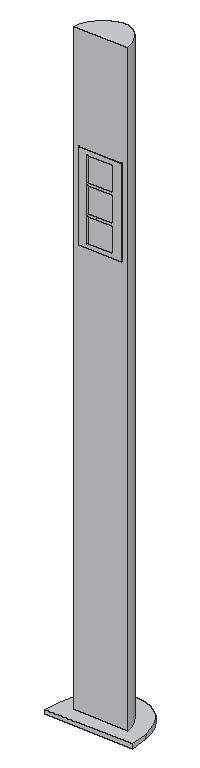
Revit family "Gira_134928", category Electrical Fixtures, host Face, Revit 2017
Family settings
  Host = Face
  Maintain Annotation Orientation = Yes
  Round Connector Dimension = Use Diameter
  Part Type = Normal
  Cut with Voids When Loaded = No
  Shared = No
  Room Calculation Point = No
Parameters (values of type "En.prof. light el. 3x empty u. 769 mm Gira energy profile anthra.")
  Width = "0,142"
  URL = "http://katalog.gira.de/en/datenblatt.html?artikelnr=134928"
  Switching function = "None"
  Number of socket outlets = "0"
  Name = "En.prof. light el. 3x empty u. 769 mm Gira energy profile anthra."
  Manufacturer URL = "https://www.gira.de/"
  Manufacturer = "Gira"
  Keynote = ""
  HeinzeBIM = "https://bimportal.heinze.de/bim/en-prof-light-el-3x-empty-u-769-mm-gira-energy-profile-anthra-/58b77a907fe9873580ade9345b5aeac0bf93f46f"
  Height = "0,769"
  HAN = "134928"
  GTIN = "4010337349280"
  Description = "769 mm light 3x empty u. E-pro AN,Gira energy profile,Light element, 3 empty units, height 769 mm ,anthracite,The Gira energy profile and light profiles for outdoor use, with and without light elements. The profiles consist of powder-coated aluminium. For profiles of up to 1400 mm, the feet elements also consist of powder-coated aluminium. For profiles of more than 1400 mm, the feet elements consist of powder-coated steel. Also in the colour anthracite in accordance with the GSB standard. The surface is is resistant to weather, UV rays, dirt and scratches.,,Notes :,- For profile heights up to 1400 mm, an optional ground anchor can be used to facilitate mounting on a stone or concrete base.,- For profile heights of more than 1400 mm, mounting on stone or concrete is only possible using 3 heavy-duty wall anchor.,- Recommendation: Mount an RCCB prior to the device."
  Depth = "0,075"
  Default Elevation = 1219.2 mm
  Data sheet (1) = "https://katalog.gira.de/en/download.html?artikelnr=134928"
  Category = "Light/energy pole"
  BIM (1) = "https://media.stage.bim.site/public/gira/36a6b08/Energiesäule_3fach.rfa?public/gira/36a6b08/Energiesäule_3fach.rfa"
  Available = "No"
Reference planes
  plane 1 "Center (Front/Back)": y = 0
  plane 2: z = 0
  plane 3 "Center (Left/Right)": x = 0
Forms (mm)
  Extrusion 1, solid, detail levels fine
    sketch origin (0, 0, 0) x (1, 0, 0) y (0, 1, 0)
      loop
        arc (-110.443, -35.525) -> (-113.205, -58.763) -> (-114.575, -82.125) r 391.9
        line (-114.575, -82.125) -> (114.575, -82.125)
        arc (114.575, -82.125) -> (113.205, -58.763) -> (110.443, -35.525) r 391.9
        spline (110.443, -35.525) -> (103.119, -6.392) -> (90.176, 19.976) -> (72.318, 42.142) -> (50.519, 58.899) -> (25.967, 69.333) -> (0, 72.875) -> (-25.967, 69.333) -> (-50.519, 58.899) -> (-72.318, 42.142) -> (-90.176, 19.976) -> (-103.119, -6.392) -> (-110.443, -35.525)
      loop
        circle (-21, -1.125) r 16
      loop
        circle (21, -1.125) r 16
    from 0 to 10
  Extrusion 2, solid, detail levels medium+fine
    sketch origin (0, 0, 0) x (1, 0, 0) y (0, 1, 0)
      loop
        line (-71.007, -44.768) -> (71.007, -44.768)
        spline (71.007, -44.768) -> (69.375, -35.583) -> (66.984, -26.66) -> (63.862, -18.098) -> (60.041, -9.991) -> (55.564, -2.426) -> (50.479, 4.513) -> (44.843, 10.75) -> (38.716, 16.217) -> (32.167, 20.856) -> (25.265, 24.614) -> (18.088, 27.45) -> (10.713, 29.335)
        spline (10.713, 29.335) -> (8.658, 29.684) -> (6.596, 29.958) -> (4.528, 30.159) -> (2.457, 30.284) -> (0.384, 30.336) -> (-1.69, 30.312) -> (-3.762, 30.214) -> (-5.831, 30.041) -> (-7.896, 29.794) -> (-9.953, 29.473) -> (-12.003, 29.077) -> (-14.042, 28.609)
        spline (-14.042, 28.609) -> (-21.069, 26.397) -> (-27.883, 23.314) -> (-34.414, 19.39) -> (-40.597, 14.666) -> (-46.369, 9.189) -> (-51.67, 3.014) -> (-56.449, -3.796) -> (-60.655, -11.171) -> (-64.247, -19.038) -> (-67.189, -27.316) -> (-69.45, -35.922) -> (-71.007, -44.768)
    from 10 to 1606
  Extrusion 3, solid, detail levels fine
    sketch origin (0, 0, 0) x (1, 0, 0) y (0, 0, 1)
      loop
        line (-56, 1332) -> (-56, 1101.5) -> (56, 1101.5) -> (56, 1332) -> (-56, 1332)
      loop
        line (33.5, 1321.55) -> (-33.5, 1321.55) -> (-33.5, 1254.55) -> (33.5, 1254.55) -> (33.5, 1321.55)
      loop
        line (33.5, 1250.25) -> (-33.5, 1250.25) -> (-33.5, 1183.25) -> (33.5, 1183.25) -> (33.5, 1250.25)
      loop
        line (33.5, 1178.95) -> (-33.5, 1178.95) -> (-33.5, 1111.95) -> (33.5, 1111.95) -> (33.5, 1178.95)
    from 44.768 to 47
  Extrusion 4, solid, detail levels coarse
    sketch origin (0, 0, 0) x (1, 0, 0) y (0, 1, 0)
      loop
        line (114.575, 72.875) -> (-114.575, 72.875) -> (-114.575, -82.125) -> (114.575, -82.125) -> (114.575, 72.875)
    from 0 to 1616
  Extrusion 5, solid, detail levels medium
    sketch origin (0, 0, 0) x (1, 0, 0) y (0, 1, 0)
      loop
        arc (-110.443, -35.525) -> (-113.205, -58.763) -> (-114.575, -82.125) r 391.9
        line (-114.575, -82.125) -> (114.575, -82.125)
        arc (114.575, -82.125) -> (113.205, -58.763) -> (110.443, -35.525) r 391.9
        spline (110.443, -35.525) -> (103.119, -6.392) -> (90.176, 19.976) -> (72.318, 42.142) -> (50.519, 58.899) -> (25.967, 69.333) -> (0, 72.875) -> (-25.967, 69.333) -> (-50.519, 58.899) -> (-72.318, 42.142) -> (-90.176, 19.976) -> (-103.119, -6.392) -> (-110.443, -35.525)
    from 0 to 10
Dimensions and locks
  aligned and locked: plane 2 to host face
  aligned and locked: level to host face
  aligned and locked: plane 3 "Center (Left/Right)" to nested 1
  aligned and locked: plane 1 "Center (Front/Back)" to nested 1
Nested families
  nested 1: "Steckdose 3-fach Beschriftung" at (0, 0, 0), type "Steckdose 3-fach Beschriftung"
Connectors
  electrical at (0, -4.625, 0)
    settings: on Extrusion 4, index 1, voltage 220 V, apparent load 0 VA, apparent load phase1 0 VA, apparent load phase2 0 VA, apparent load phase3 0 VA, power factor 1, load classification "Other", number of poles 1, system type 30, power factor state 1, is connector primary yes, connector utility no, sub classification motor no, connector description ""
Definition of nested family "Steckdose 3-fach Beschriftung"
  Reference planes
    plane 1: y = 0
    plane 2: x = 0
  Lines and regions (mm)
    detail lines
      curve 1: line (0, 0, 0) -> (0, 2, 0)
      curve 2: line (-1, 2, 0) -> (1, 2, 0)
      curve 4: arc (-1, 3, 0) -> (0, 2, 0) -> (1, 3, 0) r 1
      curve 6: line (1, 2, 0) -> (3, 2, 0)
      curve 7: arc (1, 3, 0) -> (2, 2, 0) -> (3, 3, 0) r 1
      curve 8: line (-3, 2, 0) -> (-1, 2, 0)
      curve 9: arc (-3, 3, 0) -> (-2, 2, 0) -> (-1, 3, 0) r 1
    reference lines
      curve 3: line (-1.485, 3, 0) -> (1.315, 3, 0)
      curve 5: line (0, 1, 0) -> (-1, 1, 0)
  Dimensions and locks
    curve 1 to curve 1 = 2 mm
    curve 2 to curve 2 = 2 mm
    plane 1 to curve 3 = 3 mm
